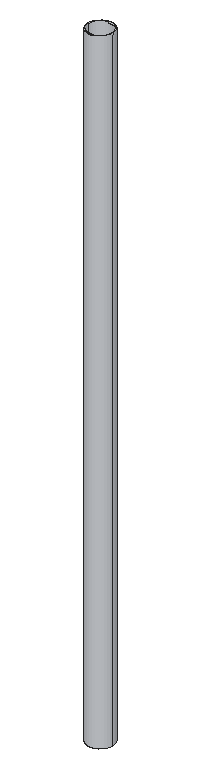
Revit family "测斜测点", category 常规模型, Revit 2016
Family settings
  零件类型 = 标准
  可将钢筋附着到主体 = 否
  圆形连接件大小 = 使用直径
  基于工作平面 = 否
  总是垂直 = 是
  加载时剪切的空心 = 否
  共享 = 否
  房间计算点 = 否
Parameters
  直径 = 800 mm
  监测数据 [instance] = ""
  深度 = 20000 mm
  壁厚 = 20 mm
  内径 = 直径 - 2 * 壁厚  # 760 mm
Reference planes
  plane 1 "中心(前/后)": y = 0
  plane 2: z = 0
  plane 3 "中心(左/右)": x = 0
Forms (mm)
  Extrusion 1, solid
    sketch origin (3021.728, -229.593, 0) x (1, 0, 0) y (0, 1, 0)
      loop
        circle (-3021.728, 229.593) r 400
    from -20000 to 0
  Extrusion 2, void
    sketch origin (0, 0, 0) x (1, 0, 0) y (0, 1, 0)
      loop
        circle (0, 0) r 380
    from -20000 to 0
Cuts and joins
  Extrusion 2 cuts Extrusion 1
Dimensions and locks
  "深度": Extrusion 1 to Extrusion 1
  "直径": diameter of Extrusion 1 sketch curve
  "内径": diameter of Extrusion 2 sketch curve
  aligned and locked: level to plane 2
  aligned and locked: level to Extrusion 1
  aligned and locked: level to Extrusion 2
  aligned and locked: Extrusion 1 to Extrusion 2
Automatic sketch dimensions
  plane 1 "中心(前/后)" to Extrusion 1 sketch curve = 0 mm
  Extrusion 1 sketch curve to plane 3 "中心(左/右)" = 0 mm
  plane 1 "中心(前/后)" to Extrusion 2 sketch curve = 0 mm
  Extrusion 2 sketch curve to plane 3 "中心(左/右)" = 0 mm
